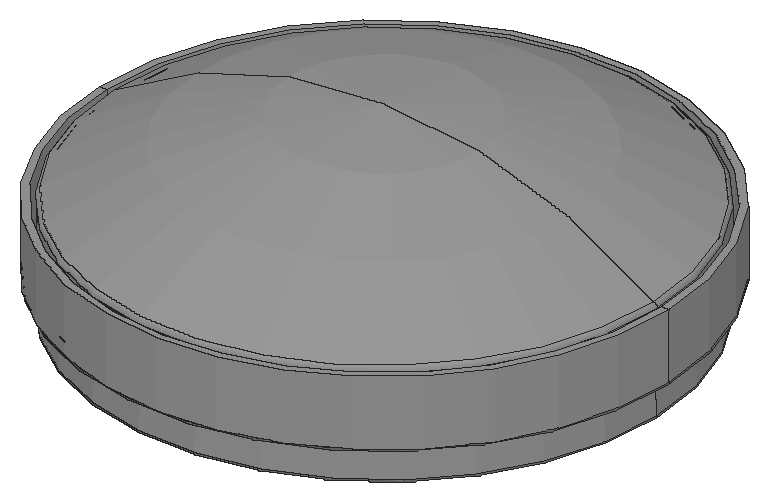
Revit family "3034804 Sylvania Lighting Fixture GIOTTO335 LED G2 4000K SURFACE DALI", category Lighting Fixtures, host Face, Revit 2016
Family settings
  Host = Face
  Part Type = Normal
  Round Connector Dimension = Use Diameter
  OmniClass Number = 23.80.70.00
  OmniClass Title = Lighting
  Cut with Voids When Loaded = No
  Light Source = Yes
  Shared = No
  Room Calculation Point = No
Parameters (values of type "3034804 GIOTTO335 LED G2 SURFACE 4000K DALI")
  Weight = "1.2 kg"
  Wattage Comments = ""
  Wattage = 23 W
  WarrantyStartDate [instance] = "n/a"
  WarrantyGuarantorParts = "n/a"
  WarrantyDurationUnit = "n/a"
  WarrantyDurationParts = "n/a"
  WarrantyDescription = "n/a"
  built-in parameter 1150110 = 1 (stored number, unit not read)
  Voltage = 230 V
  URL = "http://www.sylvania-lighting.com"
  TypeName = "GIOTTO335 LED G2 4000K SURFACE DALI"
  Type Image = <None>
  Type Comments = "n/a"
  built-in parameter 1114217 = 1 (stored number, unit not read)
  Tilt Angle = -90.00°
  built-in parameter 1150109 = 1 (stored number, unit not read)
  built-in parameter 1150134 = 12
  built-in parameter 1150113 = 1 (stored number, unit not read)
  SerialNumber [instance] = "n/a"
  Photometric Web File = "3034804.ies"
  Material_3_SYL = LED-Sylvania
  PowerFactor = 0
  PowerConsumption = "23 W"
  NominalLength = 335 mm
  NominalHeight = 110 mm
  NominalDepth = 335 mm
  Name = "GIOTTO335 LED G2 4000K SURFACE DALI"
  ModelReference = Name  # "GIOTTO335 LED G2 4000K SURFACE DALI"
  ModelNumber = "3034804"
  Model = Name  # "GIOTTO335 LED G2 4000K SURFACE DALI"
  Material = "polycarbonate housing, polycarbonate diffuser"
  ManufacturerName = "Feilo Sylvania"
  Manufacturer = "Feilo Sylvania"
  LuminousEfficacy = "97 lm/W"
  built-in parameter 1150105 = 685.38 (stored number, unit not read)
  Lumens = 2231 lm
  LuminaireType = ""
  built-in parameter 1150115 = 1 (stored number, unit not read)
  LightOutputRatio = "n/a"
  built-in parameter 1150137 = (empty or 0)
  built-in parameter 1150139 = (empty or 0)
  LampsType = Lamp  # "LED"
  LampNominalLuminous = "2225 lm"
  LampMacAdamStep = "n/a"
  LampColourTemperature = "4000 K"
  LampColourRenderingIndex = "80"
  built-in parameter 1150112 = 1 (stored number, unit not read)
  built-in parameter 1150114 = 1 (stored number, unit not read)
  Lamp = "LED"
  Keynote = "16500"
  InstallationDate [instance] = "n/a"
  InputVoltage = "n/a"
  InputNominalFrequency = "n/a"
  built-in parameter 1150132 = (empty or 0)
  built-in parameter 1150102 = (empty or 0)
  built-in parameter 1150107 = 4000 (stored number, unit not read)
  built-in parameter 1150138 = (empty or 0)
  IngressProtection = "IP44"
  ImpactProtectionIndex = "IK10"
  built-in parameter 1150106 = 6.8538 (stored number, unit not read)
  IfcExportType = "IfcLightFixtureType"
  IfcExportAs = "IfcLightFixtureType"
  Height_SYL = 110 mm
  ExpectedLife = 50000
  Emit from Circle Diameter = 317 mm
  Emit Shape Visible in Rendering = no
  ElectricShockClassification = "Class I"
  built-in parameter 1150104 = 9.0116 (stored number, unit not read)
  DurationUnit = "hours"
  DocumentationLiterature = "http://www.sylvania-lighting.com/product/en-int/products/3034804"
  DimmingControlOptions = "n/a"
  Material_2_SYL = Polycarbonate_Sylvania_Giotto_Opal
  Dimming Lamp Color Temperature Shift = <None>
  DiffuserRadius_SYL = 282.611 mm
  Diameter_SYL = 335 mm
  Description = "Ambient and decorative round, surface mounted LED bulkhead luminaire. White robust polycarbonate body with opal diffuser, 2225 lm, 23W, 97lm/W, 4000K, CRI 80, DALI, 50,000 hours lumen maintenance. Drive current: 700mA, IP44, IK10, Class I, 220-240V, Energy class: A++, A+, A."
  Default Elevation = 1219.2 mm
  CreatedOn = "9/13/2018"
  CreatedBy = "@sylvania-lighting.com"
  Cost = 0
  Color Filter = 16777215
  built-in parameter 1114216 [instance] = (empty or 0)
  ClassificationValue = "EF_70_80"
  ClassificationName = "Uniclass2015"
  Material_1_SYL = Polycarbonate_Sylvania_Giotto_White
  BarCode [instance] = "n/a"
  built-in parameter 1114218 = 1 (stored number, unit not read)
  built-in parameter 1150133 = 10 (stored number, unit not read)
  AssetType = "Fixed"
  AssetIdentifier [instance] = "n/a"
  Assembly Code = "D5020200"
  Apparent Load = 23 VA
  Material_4_SYL = none
Reference planes
  plane 1 "Center (Front/Back)": y = 0
  plane 2: z = 0
  plane 3 "Center (Left/Right)": x = 0
  plane 4: x = 167.5
  plane 5: x = -167.5
  plane 6: x = -160.5
  plane 7: x = -163.5
  plane 8: z = 110
  plane 9: z = 60
  plane 10: z = 20
  plane 11: z = 25
  plane 12: x = -165.9
  plane 13: z = 21.6
  plane 14: z = 1.6
  plane 15: x = -158.9
  plane 16: z = 19
  plane 17: x = -161.5
  plane 18: z = 26
Forms (mm)
  Revolve 1, solid, material "Polycarbonate_Sylvania_Giotto_White" <- "Material_1_SYL"
    sketch origin (0, 0, 0) x (1, 0, 0) y (0, 0, 1)
      loop
        line (0, 0) -> (0, 26) -> (-158.9, 26) -> (-158.9, 25) -> (-163.5, 25) -> (-163.5, 60) -> (-167.5, 60) -> (-167.5, 21.6)
        arc (-167.5, 21.6) -> (-167.031, 20.469) -> (-165.9, 20) r 1.6
        line (-165.9, 20) -> (-160.5, 20)
        arc (-160.5, 20) -> (-160.193, 19.541) -> (-160.086, 19) r 1.414
        line (-160.086, 19) -> (-160.5, 1.6)
        arc (-160.5, 1.6) -> (-160.031, 0.469) -> (-158.9, 0) r 1.6
        line (-158.9, 0) -> (0, 0)
      axis (0, 60) -> (0, 0)
    angle from 360 to 0
  Revolve 2, solid, material "Polycarbonate_Sylvania_Giotto_Opal" <- "Material_2_SYL"
    sketch origin (0, 0, 0) x (1, 0, 0) y (0, 0, 1)
      loop
        line (-160.5, 25) -> (-158.5, 25) -> (-158.5, 57.891)
        arc (-158.5, 57.891) -> (-158.267, 58.827) -> (-157.623, 59.545) r 2
        arc (-157.623, 59.545) -> (-82.451, 95.612) -> (0, 107.998) r 280.611
        line (0, 107.998) -> (0, 109.998)
        arc (0, 109.998) -> (-83.039, 97.523) -> (-158.747, 61.2) r 282.611
        arc (-158.747, 61.2) -> (-160.035, 59.763) -> (-160.5, 57.891) r 4
        line (-160.5, 57.891) -> (-160.5, 25)
      axis (0, 109.998) -> (0, 25)
    angle from 360 to 0
Dimensions and locks
  equal spacing: plane 4, plane 3 "Center (Left/Right)", plane 5
  "Diameter_SYL": plane 4 to plane 5
  locked: plane 6 to plane 5 at 7
  locked: plane 7 to plane 5 at 4
  "Height_SYL": plane 8 to plane 2
  locked: plane 8 to plane 9 at 50
  locked: plane 9 to plane 10 at 40
  Revolve 1 sketch curve to Revolve 1 sketch curve = 5.4 mm
  locked: plane 11 to plane 10 at 5
  locked: plane 12 to plane 5 at 1.6
  locked: plane 13 to plane 10 at 1.6
  locked: plane 14 to plane 2 at 1.6
  locked: plane 15 to plane 6 at 1.6
  locked: plane 6 to plane 17 at 1
  locked: plane 10 to plane 16 at 1
  locked: plane 18 to plane 11 at 1
  "DiffuserRadius_SYL": radius of Revolve 2 sketch curve
  aligned and locked: plane 2 to host face
  aligned and locked: level to host face
  aligned and locked: Revolve 1 sketch curve to plane 3 "Center (Left/Right)"
  aligned and locked: level to Revolve 1 sketch curve
  aligned and locked: Revolve 1 sketch curve to plane 10
  aligned and locked: plane 9 to Revolve 1 sketch curve
  aligned and locked: Revolve 1 sketch curve to plane 7
  aligned and locked: plane 12 to Revolve 1 sketch curve  (x2)
  aligned and locked: plane 13 to Revolve 1 sketch curve  (x2)
  aligned and locked: plane 17 to Revolve 1 sketch curve
  aligned and locked: plane 16 to Revolve 1 sketch curve  (x2)
  aligned and locked: plane 15 to Revolve 1 sketch curve  (x3)
  aligned and locked: plane 14 to Revolve 1 sketch curve  (x2)
  aligned and locked: Revolve 2 sketch curve to plane 3 "Center (Left/Right)"
  aligned and locked: plane 6 to Revolve 2 sketch curve
  aligned and locked: Revolve 2 sketch curve to Revolve 2 sketch curve
  aligned and locked: plane 3 "Center (Left/Right)" to imposter light
  aligned and locked: imposter light to plane 1 "Center (Front/Back)"
  aligned and locked: plane 18 to Revolve 1 sketch curve
  aligned and locked: plane 11 to Revolve 1 sketch curve
  aligned and locked: plane 11 to Revolve 2 sketch curve
  aligned and locked: plane 3 "Center (Left/Right)" to Revolve 2 sketch curve
  aligned and locked: imposter light to plane 8
Automatic sketch dimensions
  host sketch curve to host sketch curve = 2438.4 mm  (x2)
  Revolve 1 sketch curve to plane 3 "Center (Left/Right)" = 0 mm
  Revolve 1 sketch curve to level = 609.6 mm
  Revolve 1 sketch curve to plane 8 = 2499.058 mm
  Revolve 2 sketch curve to Revolve 2 sketch curve = 0 mm  (x3)
  plane 15 to Revolve 2 sketch curve = 0.4 mm
  Revolve 2 sketch curve to Revolve 2 sketch curve = 2 mm  (x2)
  Revolve 2 sketch curve to level = 172.613 mm
  plane 9 to Revolve 2 sketch curve = 2.109 mm
  Revolve 2 sketch curve to Revolve 2 sketch curve = 436.987 mm
  Revolve 2 sketch curve to plane 8 = 2499.058 mm
Connectors
  electrical at (0, 0, 0), driven by "Apparent Load", driven by "PowerFactor", driven by "Voltage"
    settings: index 1, voltage 230 V, apparent load 23 VA, apparent load phase1 0 VA, apparent load phase2 0 VA, apparent load phase3 0 VA, power factor 0, load classification "Lighting", number of poles 1, system type 30, power factor state 1, is connector primary yes, connector utility no, sub classification motor no, connector description ""
